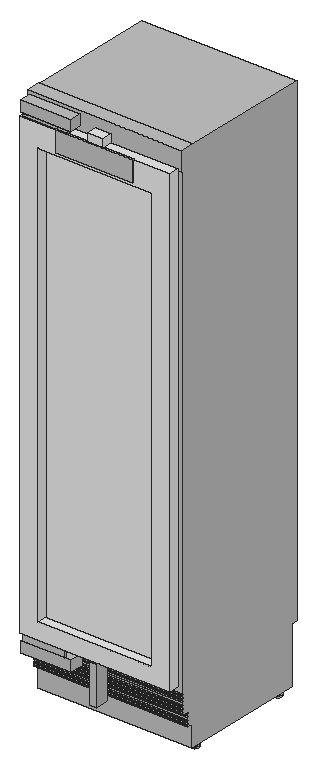
Revit family "FP_Revit_18_RS6121VL2K1_Wine_Column_90001105A", category Specialty Equipment, Revit 2018
Family settings
  Round Connector Dimension = Use Diameter
  Part Type = Normal
  OmniClass Number = 23.40.40.11.11
  OmniClass Title = Refrigerators and Freezers
  Work Plane-Based = No
  Always vertical = Yes
  Cut with Voids When Loaded = Yes
  Shared = No
  Room Calculation Point = No
Parameters
  Visibility - Visibility Control Note = yes
  Visibility - Clearance Required = yes
  URL = "www.fisherpaykel.com"
  Stainless Steel Door Panels (RD6121VL4D) = no
  Product - Width = 603 mm  # constant formula
  Product - Height = 2134 mm  # constant formula
  Product - Depth (exl front panel) = 610 mm  # constant formula
  Model = "RS6121VL2K1"
  Material - Handle = Fisher & Paykel - Aluminium
  Material - Door Structure = Fisher & Paykel - White
  Material - Door Front = Fisher & Paykel - Stainless Steel
  Material - Body = Fisher & Paykel - Grey
  Manufacturer = "Fisher & Paykel Appliances"
  Handle Style - Contemporary Square (AHD3-RD21) = no
  Handle Style - Contemporary Round (AHS-RD21) = no
  Description = "61cm Integrated Column Wine Cabinet"
  Connector Description - Electrical = "230 V, 10 amp fused electrical supply"
  Cavity - Width = 610 mm  # constant formula
  Cavity - Height = 2134 mm  # constant formula
  Cavity - Depth = 650 mm  # constant formula
Reference planes
  plane 1 "Center (Front/Back)": y = 0
  plane 2: z = 0
  plane 3 "Center (Left/Right)": x = 0
  plane 4 "Product LHS": x = -301.5
  plane 5 "Product RHS": x = 301.5
  plane 6 "Product - Depth": y = 610
  plane 7 "Cavity LHS": x = -305
  plane 8 "Cavity RHS": x = 305
  plane 9 "Cavity - Depth": y = 628
  plane 10 "Handle Offset": x = 238.5
  plane 11 "Product Height": z = 2134
  plane 12 "Cavity Height": z = 2134
  plane 13 "Door Panel Datum": y = -4.1
Forms (mm)
  Extrusion 1, solid, material "Fisher & Paykel - Grey" <- "Material - Body", detail levels fine
    sketch origin (0, 0, 0) x (0, 1, 0) y (0, 0, 1)
      loop
        line (100.1, 19.1) -> (587.9, 19.1) -> (587.9, 239.7) -> (610, 239.7) -> (610, 2131.9) -> (105.1, 2131.9) -> (105.1, 2134) -> (49.9, 2134) -> (49.9, 2059) -> (56, 2059) -> (56, 228.6) -> (59.5, 228.6) -> (59.5, 219.7) -> (56.5, 219.7) -> (56.5, 215.9) -> (59.5, 215.9) -> (59.5, 207) -> (56.5, 207) -> (56.5, 203.2) -> (59.5, 203.2) -> (59.5, 194.3) -> (56.5, 194.3) -> (56.5, 190.5) -> (59.5, 190.5) -> (59.5, 181.6) -> (56.5, 181.6) -> (56.5, 177.8) -> (59.5, 177.8) -> (59.5, 168.9) -> (56.5, 168.9) -> (56.5, 165.1) -> (59.5, 165.1) -> (59.5, 156.2) -> (56.5, 156.2) -> (56.5, 152.4) -> (84.1, 152.4) -> (84.1, 143.5) -> (81.1, 143.5) -> (81.1, 139.7) -> (84.1, 139.7) -> (84.1, 130.8) -> (81.1, 130.8) -> (81.1, 127) -> (84.1, 127) -> (84.1, 118.1) -> (81.1, 118.1) -> (81.1, 114.3) -> (84.1, 114.3) -> (84.1, 105.4) -> (81.1, 105.4) -> (81.1, 101.6) -> (100.1, 101.6) -> (100.1, 19.1)
    from -301.5 to 301.5
  Extrusion 2, solid, material "Fisher & Paykel - Grey" <- "Material - Body"
    sketch origin (0, 0, 0) x (1, 0, 0) y (0, 1, 0)
      loop
        circle (-281, 547.8) r 4.1
      loop
        circle (-281, 141.8) r 4.1
      loop
        circle (281, 547.8) r 4.1
      loop
        circle (281, 141.8) r 4.1
    from 3 to 19.1
  Extrusion 3, solid, material "Fisher & Paykel - Grey" <- "Material - Body"
    sketch origin (0, 0, 0) x (1, 0, 0) y (0, 1, 0)
      loop
        circle (-281, 547.8) r 14.5
      loop
        circle (-281, 141.8) r 14.555
      loop
        circle (281, 547.8) r 14.5
      loop
        circle (281, 141.8) r 14.555
    from 0 to 3
  Extrusion 4, solid, material "Fisher & Paykel - Grey" <- "Material - Body", detail levels fine
    sketch origin (0, 0, 0) x (1, 0, 0) y (0, 1, 0)
      loop
        line (-7.5, 49) -> (-13.797, -4.1) -> (13.797, -4.1) -> (7.5, 49) -> (-7.5, 49)
    from 104.2 to 254.2
  Extrusion 5, solid, material "Fisher & Paykel - Grey" <- "Material - Body", detail levels fine
    sketch origin (0, 0, 0) x (0, 1, 0) y (0, 0, 1)
      loop
        line (0, 2070.6) -> (0, 1988.6) -> (2, 1988.6) -> (2, 2068.6) -> (4, 2068.6) -> (4, 2070.6) -> (0, 2070.6)
    from -150 to 150
  Extrusion 6, solid, material "Fisher & Paykel - Grey" <- "Material - Body"
    sketch origin (0, 0, 0) x (1, 0, 0) y (0, 0, 1)
      loop
        circle (226.5, 119.813) r 5
      loop
        circle (-226.5, 119.813) r 5
    from -590 to -587.9
  Extrusion 7, solid, material "Fisher & Paykel - White" <- "Material - Door Structure"
    sketch origin (0, 0, 0) x (1, 0, 0) y (0, 1, 0)
      loop
        line (-276.5, 56) -> (-276.5, 42) -> (276.5, 42) -> (276.5, 56) -> (-276.5, 56)
    from 269.6 to 2030.7
  Extrusion 8, solid, material "Fisher & Paykel - White" <- "Material - Door Structure", detail levels fine
    sketch origin (0, 0, 0) x (1, 0, 0) y (0, 0, 1)
      loop
        line (-29.5, 2100.1) -> (-29.5, 2068.6) -> (29.5, 2068.6) -> (29.5, 2100.1) -> (-29.5, 2100.1)
    from -42 to -3
  Extrusion 9, solid, material "Fisher & Paykel - Grey" <- "Material - Body", detail levels coarse+medium
    sketch origin (0, 0, 0) x (0, 1, 0) y (0, 0, 1)
      loop
        line (49.9, 2134) -> (49.9, 2059) -> (56, 2059) -> (56, 152.4) -> (81.1, 152.4) -> (81.1, 101.6) -> (100.1, 101.6) -> (100.1, 19.1) -> (587.9, 19.1) -> (587.9, 239.7) -> (610, 239.7) -> (610, 2134) -> (49.9, 2134)
    from -301.5 to 301.5
  Extrusion 10, solid, material "Fisher & Paykel - Grey" <- "Material - Body", detail levels fine
    sketch origin (0, 0, 0) x (-1, 0, 0) y (0, 0, -1)
      loop
        line (289.9, -187.65) -> (95.42, -187.65) -> (95.42, -229.75) -> (289.9, -229.75) -> (289.9, -187.65)
    from -56 to -2.5
  Extrusion 11, solid, material "Fisher & Paykel - Grey" <- "Material - Body", detail levels fine
    sketch origin (0, 0, 0) x (-1, 0, 0) y (0, 0, -1)
      loop
        line (289.9, -2123.15) -> (289.9, -2081.05) -> (95.42, -2081.05) -> (95.42, -2123.15) -> (289.9, -2123.15)
    from -49 to -3
  Extrusion 12, solid, material "Fisher & Paykel - Grey" <- "Material - Body", detail levels fine
    sketch origin (0, 0, -4) x (0, 1, 0) y (0, 0, 1)
      loop
        arc (163.888, 23.1) -> (180.4, 13.63) -> (196.912, 23.1) r 19.13
        line (196.912, 23.1) -> (163.888, 23.1)
      loop
        arc (493.888, 23.1) -> (510.4, 13.63) -> (526.912, 23.1) r 19.13
        line (526.912, 23.1) -> (493.888, 23.1)
    from 191 to 219
  Extrusion 13, solid, material "Fisher & Paykel - Grey" <- "Material - Body", detail levels fine
    sketch origin (0, 0, -4) x (0, 1, 0) y (0, 0, -1)
      loop
        line (163.888, -23.1) -> (196.912, -23.1)
        arc (196.912, -23.1) -> (180.4, -13.63) -> (163.888, -23.1) r 19.13
      loop
        line (493.888, -23.1) -> (526.912, -23.1)
        arc (526.912, -23.1) -> (510.4, -13.63) -> (493.888, -23.1) r 19.13
    from 191 to 219
  Extrusion 14, solid, material "Fisher & Paykel - Clearance Required", visible <- "Visibility - Clearance Required", detail levels coarse
    sketch origin (0, 0, 0) x (1, 0, 0) y (0, 1, 0)
      loop
        line (-305, 628) -> (-305, -4.1) -> (305, -4.1) -> (305, 628) -> (-305, 628)
    from 0 to 2134
  Extrusion 15, void
    sketch origin (0, 0, 0) x (1, 0, 0) y (0, 1, 0)
      loop
        line (-305, 628) -> (-305, -22.1) -> (305, -22.1) -> (305, 628) -> (-305, 628)
    from 0 to 2134
  Extrusion 16, solid, material "Fisher & Paykel - Clearance Required", visible <- "Visibility - Clearance Required", detail levels coarse
    sketch origin (0, 0, 0) x (-1, 0, 0) y (0, -1, 0)
      loop
        line (-301.5, 22) -> (301.5, 22)
        arc (301.5, 22) -> (310.614, 38.517) -> (329.447, 39.615) r 19.524
        line (329.447, 39.615) -> (550.259, 513.224) -> (574.757, 501.803)
        arc (574.757, 501.803) -> (598.009, 510.266) -> (589.546, 533.517) r 17.497
        line (589.546, 533.517) -> (565.059, 544.952) -> (584.283, 586.12)
        arc (584.283, 586.12) -> (-13.379, 547.082) -> (-301.5, 22) r 622.524
    from 0 to 2134
  Extrusion 17, solid, material "Fisher & Paykel - Grey" <- "Material - Body", detail levels fine
    sketch origin (0, 0, 0) x (-1, 0, 0) y (0, 0, -1)
      loop
        line (118.4, -254.2) -> (282.9, -254.2) -> (282.9, -229.75) -> (118.4, -229.75) -> (118.4, -254.2)
      loop
        line (106, -2081.05) -> (242.9, -2081.05) -> (282.9, -2076.05) -> (282.9, -2068.6) -> (106, -2068.6) -> (106, -2081.05)
    from -7 to -4
  Extrusion 18, solid, material "Fisher & Paykel - Stainless Steel" <- "Material - Door Front", visible <- "Stainless Steel Door Panels (RD6121VL4D)"
    sketch origin (0, 0, 0) x (1, 0, 0) y (0, 0, 1)
      loop
        line (-301.5, 2130.8) -> (-301.5, 102) -> (301.5, 102) -> (301.5, 2130.8) -> (-301.5, 2130.8)
      loop
        line (-207.5, 1930) -> (-207.5, 341.6) -> (207.5, 341.6) -> (207.5, 1930) -> (-207.5, 1930)
    from 4.1 to 22.1
  Extrusion 19, solid, material "Fisher & Paykel - White" <- "Material - Door Structure"
    sketch origin (0, 0, 0) x (1, 0, 0) y (0, 0, 1)
      loop
        line (-292.9, 2068.6) -> (-292.9, 254.2) -> (292.9, 254.2) -> (292.9, 2068.6) -> (-292.9, 2068.6)
      loop
        line (-223.3, 318.3) -> (223.3, 318.3) -> (223.3, 1977.7) -> (-223.3, 1977.7) -> (-223.3, 318.3)
    from -42 to -3
Lines and regions (mm)
  model lines, style "Fisher & Paykel"
    curve 1: line (-301.5, -4.1, 2130.8) -> (301.5, -4.1, 2130.8)
    curve 2: line (-301.5, -4.1, 102) -> (-301.5, -4.1, 2130.8)
    curve 3: line (301.5, -4.1, 102) -> (-301.5, -4.1, 102)
    curve 4: line (301.5, -4.1, 2130.8) -> (301.5, -4.1, 102)
    curve 5: line (-207.5, -4.1, 1930) -> (207.5, -4.1, 1930)
    curve 6: line (-207.5, -4.1, 341.6) -> (-207.5, -4.1, 1930)
    curve 7: line (207.5, -4.1, 341.6) -> (-207.5, -4.1, 341.6)
    curve 8: line (207.5, -4.1, 1930) -> (207.5, -4.1, 341.6)
Text (mm)
  text "Due to ongoing product development, product details are subject to change without notice. \nPlease always refer to www.fisherpaykel.com for the most current product information. \n© Fisher & Paykel 2020" at (41.04, -678.295, 0), in view "Ref. Level (Plan)"
Dimensions and locks
  equal spacing: plane 4 "Product LHS", plane 3 "Center (Left/Right)", plane 5 "Product RHS"
  "Product - Width": plane 4 "Product LHS" to plane 5 "Product RHS"
  "Product - Depth (exl front panel)": plane 1 "Center (Front/Back)" to plane 6 "Product - Depth"
  equal spacing: plane 7 "Cavity LHS", plane 3 "Center (Left/Right)", plane 8 "Cavity RHS"
  "Cavity - Width": plane 7 "Cavity LHS" to plane 8 "Cavity RHS"
  plane 4 "Product LHS" to Extrusion 2 sketch curve = 24.6 mm
  plane 4 "Product LHS" to plane 10 "Handle Offset" = 540 mm
  Extrusion 6 sketch curve to Extrusion 1 = 119.887 mm  (x2)
  Extrusion 6 sketch curve to plane 5 "Product RHS" = 75 mm
  plane 4 "Product LHS" to Extrusion 6 sketch curve = 75 mm
  Extrusion 1 sketch curve to Extrusion 1 sketch curve = 82.5 mm
  Extrusion 1 sketch curve to Extrusion 1 sketch curve = 209.5 mm
  Extrusion 3 to level = 3 mm
  Extrusion 9 to Extrusion 7 = 250.5 mm
  Extrusion 9 to Extrusion 9 = 2114.9 mm
  "Product - Height": level to plane 11 "Product Height"
  Extrusion 7 to plane 11 "Product Height" = 103.3 mm
  Extrusion 9 sketch curve to plane 11 "Product Height" = 75 mm
  Extrusion 1 sketch curve to plane 11 "Product Height" = 2.1 mm
  Extrusion 1 sketch curve to plane 11 "Product Height" = 75 mm
  "Cavity - Height": plane 12 "Cavity Height" to level
  plane 1 "Center (Front/Back)" to Extrusion 14 = 628 mm
  plane 1 "Center (Front/Back)" to Extrusion 15 = 628 mm
  Extrusion 17 sketch curve to Extrusion 17 sketch curve = 40 mm
  Extrusion 17 sketch curve to Extrusion 17 sketch curve = 176.9 mm
  plane 3 "Center (Left/Right)" to Extrusion 17 sketch curve = 106 mm
  plane 3 "Center (Left/Right)" to Extrusion 17 sketch curve = 118.4 mm
  equal spacing: Extrusion 19, plane 3 "Center (Left/Right)", Extrusion 19
  equal spacing: Extrusion 18, plane 3 "Center (Left/Right)", Extrusion 18
  locked: Extrusion 18 sketch curve to Extrusion 18 sketch curve at 415
  locked: Extrusion 19 sketch curve to Extrusion 19 sketch curve at 446.6
  "Cavity - Depth": Extrusion 15 to Extrusion 16
  Extrusion 16 to plane 1 "Center (Front/Back)" = 22 mm
  radius of Extrusion 6 sketch curve = 5 mm
  aligned and locked: level to plane 2
  aligned and locked: Extrusion 9 to plane 5 "Product RHS"
  aligned and locked: Extrusion 9 to plane 4 "Product LHS"
  aligned and locked: Extrusion 9 sketch curve to plane 11 "Product Height"
  aligned and locked: plane 11 "Product Height" to Extrusion 1 sketch curve
  aligned and locked: Extrusion 12 sketch curve to Extrusion 12 sketch curve
  aligned and locked: Extrusion 13 sketch curve to Extrusion 13 sketch curve
  aligned and locked: Extrusion 1 to plane 5 "Product RHS"
  aligned and locked: plane 4 "Product LHS" to Extrusion 1
  aligned and locked: Extrusion 2 to Extrusion 1
  aligned and locked: nested 3 to plane 10 "Handle Offset"
  aligned and locked: nested 2 to plane 10 "Handle Offset"
Automatic sketch dimensions
  Extrusion 2 sketch curve to plane 4 "Product LHS" = 20.5 mm  (x2)
  plane 5 "Product RHS" to Extrusion 2 sketch curve = 20.5 mm  (x2)
  Extrusion 2 sketch curve to plane 1 "Center (Front/Back)" = 141.8 mm  (x2)
  Extrusion 2 sketch curve to plane 6 "Product - Depth" = 62.2 mm  (x2)
  Extrusion 3 sketch curve to plane 4 "Product LHS" = 20.5 mm  (x2)
  plane 5 "Product RHS" to Extrusion 3 sketch curve = 20.5 mm  (x2)
  Extrusion 3 sketch curve to plane 1 "Center (Front/Back)" = 141.8 mm  (x2)
  Extrusion 3 sketch curve to plane 6 "Product - Depth" = 62.2 mm  (x2)
  plane 1 "Center (Front/Back)" to Extrusion 4 sketch curve = 4.1 mm
  Extrusion 4 sketch curve to plane 3 "Center (Left/Right)" = 13.797 mm
  Extrusion 4 sketch curve to plane 3 "Center (Left/Right)" = 7.5 mm
  plane 3 "Center (Left/Right)" to Extrusion 4 sketch curve = 7.5 mm
  plane 3 "Center (Left/Right)" to Extrusion 4 sketch curve = 13.797 mm
  Extrusion 4 sketch curve to plane 1 "Center (Front/Back)" = 49 mm
  Extrusion 5 sketch curve to plane 1 "Center (Front/Back)" = 0 mm
  Extrusion 5 sketch curve to plane 1 "Center (Front/Back)" = 2 mm
  Extrusion 5 sketch curve to Extrusion 5 sketch curve = 2 mm  (x2)
  plane 11 "Product Height" to Extrusion 5 sketch curve = 145.4 mm
  plane 11 "Product Height" to Extrusion 5 sketch curve = 65.4 mm
  Extrusion 7 sketch curve to plane 4 "Product LHS" = 25 mm
  plane 5 "Product RHS" to Extrusion 7 sketch curve = 25 mm
  Extrusion 7 sketch curve to plane 1 "Center (Front/Back)" = 42 mm
  Extrusion 7 sketch curve to Extrusion 7 sketch curve = 14 mm
  Extrusion 8 sketch curve to plane 3 "Center (Left/Right)" = 29.5 mm
  plane 3 "Center (Left/Right)" to Extrusion 8 sketch curve = 29.5 mm
  plane 11 "Product Height" to Extrusion 8 sketch curve = 65.4 mm
  Extrusion 8 sketch curve to Extrusion 8 sketch curve = 31.5 mm
  plane 3 "Center (Left/Right)" to Extrusion 10 sketch curve = 95.42 mm
  plane 4 "Product LHS" to Extrusion 10 sketch curve = 11.6 mm
  Extrusion 10 sketch curve to level = 187.65 mm
  Extrusion 10 sketch curve to Extrusion 10 sketch curve = 42.1 mm
  Extrusion 11 sketch curve to plane 11 "Product Height" = 10.85 mm
  plane 3 "Center (Left/Right)" to Extrusion 11 sketch curve = 95.42 mm
  plane 4 "Product LHS" to Extrusion 11 sketch curve = 11.6 mm
  Extrusion 11 sketch curve to Extrusion 11 sketch curve = 42.1 mm
  Extrusion 12 sketch curve to plane 1 "Center (Front/Back)" = 163.888 mm
  Extrusion 12 sketch curve to Extrusion 12 sketch curve = 16.512 mm  (x2)
  Extrusion 12 sketch curve to plane 6 "Product - Depth" = 116.112 mm
  Extrusion 12 sketch curve to Extrusion 12 sketch curve = 9.66 mm  (x2)
  Extrusion 13 sketch curve to plane 1 "Center (Front/Back)" = 163.888 mm
  Extrusion 13 sketch curve to Extrusion 13 sketch curve = 16.512 mm  (x2)
  Extrusion 13 sketch curve to plane 6 "Product - Depth" = 116.112 mm
  Extrusion 13 sketch curve to Extrusion 13 sketch curve = 9.66 mm  (x2)
  Extrusion 14 sketch curve to plane 7 "Cavity LHS" = 0 mm
  Extrusion 14 sketch curve to plane 8 "Cavity RHS" = 0 mm
  Extrusion 14 sketch curve to plane 9 "Cavity - Depth" = 0 mm
  plane 1 "Center (Front/Back)" to Extrusion 14 sketch curve = 4.1 mm
  Extrusion 15 sketch curve to plane 7 "Cavity LHS" = 0 mm
  Extrusion 15 sketch curve to plane 8 "Cavity RHS" = 0 mm
  plane 9 "Cavity - Depth" to Extrusion 15 sketch curve = 0 mm
  plane 1 "Center (Front/Back)" to Extrusion 15 sketch curve = 22.1 mm
  Extrusion 16 sketch curve to Extrusion 16 sketch curve = 0.001 mm
  Extrusion 16 sketch curve to Extrusion 16 sketch curve = 0 mm
  Extrusion 16 sketch curve to plane 5 "Product RHS" = 0 mm
  Extrusion 16 sketch curve to plane 4 "Product LHS" = 0 mm
  Extrusion 16 sketch curve to plane 7 "Cavity LHS" = 16.024 mm
  Extrusion 16 sketch curve to Extrusion 16 sketch curve = 8.422 mm
  Extrusion 16 sketch curve to plane 7 "Cavity LHS" = 245.259 mm
  Extrusion 16 sketch curve to Extrusion 16 sketch curve = 14.8 mm
  Extrusion 16 sketch curve to Extrusion 16 sketch curve = 24.498 mm
  Extrusion 16 sketch curve to Extrusion 16 sketch curve = 7.394 mm  (x2)
  Extrusion 16 sketch curve to Extrusion 16 sketch curve = 19.224 mm
  Extrusion 16 sketch curve to plane 1 "Center (Front/Back)" = 586.12 mm
  Extrusion 16 sketch curve to Extrusion 16 sketch curve = 41.168 mm
  Extrusion 16 sketch curve to Extrusion 16 sketch curve = 15.857 mm
  Extrusion 17 sketch curve to plane 11 "Product Height" = 52.95 mm
  plane 4 "Product LHS" to Extrusion 17 sketch curve = 18.6 mm
  Extrusion 17 sketch curve to Extrusion 17 sketch curve = 5 mm
  Extrusion 17 sketch curve to Extrusion 17 sketch curve = 12.45 mm
  Extrusion 17 sketch curve to level = 254.2 mm
  Extrusion 17 sketch curve to Extrusion 17 sketch curve = 24.45 mm
  Extrusion 9 sketch curve to plane 6 "Product - Depth" = 0 mm
  Extrusion 9 sketch curve to plane 6 "Product - Depth" = 22.1 mm
  Extrusion 9 sketch curve to plane 1 "Center (Front/Back)" = 100.1 mm
  Extrusion 9 sketch curve to Extrusion 9 sketch curve = 19 mm
  Extrusion 9 sketch curve to plane 1 "Center (Front/Back)" = 56 mm
  Extrusion 9 sketch curve to plane 1 "Center (Front/Back)" = 49.9 mm
  level to Extrusion 9 sketch curve = 152.4 mm
  Extrusion 9 sketch curve to Extrusion 9 sketch curve = 50.8 mm
  level to Extrusion 9 sketch curve = 19.1 mm
  Extrusion 9 sketch curve to Extrusion 9 sketch curve = 220.6 mm
  level to Extrusion 12 sketch curve = 19.1 mm
  level to Extrusion 13 sketch curve = 28.76 mm
  Extrusion 1 sketch curve to plane 6 "Product - Depth" = 0 mm
  Extrusion 1 sketch curve to Extrusion 1 sketch curve = 22.1 mm
  Extrusion 1 sketch curve to plane 1 "Center (Front/Back)" = 105.1 mm
  level to Extrusion 1 sketch curve = 19.1 mm
  Extrusion 1 sketch curve to plane 1 "Center (Front/Back)" = 100.1 mm
  Extrusion 1 sketch curve to Extrusion 1 sketch curve = 16 mm
  Extrusion 1 sketch curve to Extrusion 1 sketch curve = 0 mm  (x8)
  Extrusion 1 sketch curve to Extrusion 1 sketch curve = 3 mm  (x10)
  Extrusion 1 sketch curve to plane 1 "Center (Front/Back)" = 59.5 mm
  Extrusion 1 sketch curve to plane 1 "Center (Front/Back)" = 56 mm
  Extrusion 1 sketch curve to plane 1 "Center (Front/Back)" = 49.9 mm
  Extrusion 1 sketch curve to Extrusion 1 sketch curve = 3.8 mm  (x10)
  Extrusion 1 sketch curve to Extrusion 1 sketch curve = 8.9 mm  (x9)
  Extrusion 1 sketch curve to Extrusion 1 sketch curve = 220.6 mm
  Extrusion 19 sketch curve to plane 4 "Product LHS" = 8.6 mm
  plane 10 "Handle Offset" to Extrusion 19 sketch curve = 461.8 mm
  plane 5 "Product RHS" to Extrusion 19 sketch curve = 8.6 mm
  level to Extrusion 19 sketch curve = 254.2 mm
  Extrusion 19 sketch curve to Extrusion 19 sketch curve = 64.1 mm
  plane 11 "Product Height" to Extrusion 19 sketch curve = 156.3 mm
  plane 11 "Product Height" to Extrusion 19 sketch curve = 65.4 mm
  plane 4 "Product LHS" to Extrusion 18 sketch curve = 0 mm
  plane 5 "Product RHS" to Extrusion 18 sketch curve = 0 mm
  plane 10 "Handle Offset" to Extrusion 18 sketch curve = 446 mm
  level to Extrusion 18 sketch curve = 102 mm
  Extrusion 18 sketch curve to Extrusion 18 sketch curve = 239.6 mm
  plane 11 "Product Height" to Extrusion 18 sketch curve = 204 mm
  plane 11 "Product Height" to Extrusion 18 sketch curve = 3.2 mm
  plane 5 "Product RHS" to curve 1 = 0 mm
  plane 4 "Product LHS" to curve 2 = 0 mm
  plane 10 "Handle Offset" to curve 7 = 31 mm
  curve 5 to plane 4 "Product LHS" = 94 mm
  level to curve 4 = 102 mm
  curve 2 to curve 7 = 239.6 mm
  plane 11 "Product Height" to curve 5 = 204 mm
  plane 11 "Product Height" to curve 2 = 3.2 mm
  radius of Extrusion 2 sketch curve = 4.1 mm  (x3)
  radius of Extrusion 3 sketch curve = 14.5 mm  (x2)
  radius of Extrusion 3 sketch curve = 14.555 mm  (x2)
  radius of Extrusion 6 sketch curve = 5 mm
Nested families
  nested 1: "Visibility Control Note 18" at (0, 0, 0), visible <- "Visibility - Visibility Control Note", type "Visibility Control Note 18"
  nested 2: "Handle Contemporary Round - Vertical" at (238.5, -22.1, 1242.58), visible <- "Handle Style - Contemporary Round (AHS-RD21)", type "AHS-RD21 - Contemporary round handle (Vertical) 852mm"
  nested 3: "Handle Contemporary Square - Vertical" at (238.5, -22.1, 1242.58), visible <- "Handle Style - Contemporary Square (AHD3-RD21)", type "AHD3-RD21 - Contemporary square handle (Vertical) 852mm"
Connectors
  electrical at (-226.5, 590, 119.813), driven by "Connector Description - Electrical"
    settings: on Extrusion 6, index 1, voltage 230 V, apparent load 0 VA, apparent load phase1 0 VA, apparent load phase2 0 VA, apparent load phase3 0 VA, power factor 1, load classification "Other", number of poles 1, system type 30, power factor state 1, is connector primary yes, connector utility no, sub classification motor no, connector description "230 V, 10 amp fused electrical supply"
Definition of nested family "Handle Contemporary Round - Vertical"
  Parameters (values of type "AHSRS80A - Contemporary round handle (1 of 2) (Vertical) 727mm")
    URL = "www.fisherpaykel.com"
    Material - Handle = none
    Manufacturer = "Fisher & Paykel Appliances"
    Handle - Length = 727 mm
  Types (6, lengths in mm): name | Handle - Length
    AHS-RD21 - Contemporary round handle (Vertical) 852mm | 852
    AHSRD2484W - Contemporary round handle (1 of 2) (Vertical) 727mm | 727
    AHSRD3084W - Contemporary round handle (1 of 2) (Vertical) 727mm | 727
    AHS-RD84 - Contemporary round handle (Vertical) 852mm | 852
    AHSRS3272A - Contemporary round handle (1 of 2) (Vertical) 727mm | 727
    AHSRS80A - Contemporary round handle (1 of 2) (Vertical) 727mm | 727
  Reference planes
    plane 1 "Center (Front/Back)": y = 0
    plane 2: z = 0
    plane 3 "Center (Left/Right)": x = 0
    plane 4 "Top": z = 363.5
    plane 5 "Bottom": z = -363.5
    plane 6 "Top Standoff": z = 243.5
    plane 7 "Bottom Standoff": z = -243.5
  Forms (mm)
    Extrusion 1, solid, material <- "Material - Handle"
      sketch origin (0, 0, 0) x (1, 0, 0) y (0, 1, 0)
        loop
          circle (0, -32.3) r 8.7
      from -243.5 to 243.5
    Extrusion 2, solid, material <- "Material - Handle", detail levels fine
      sketch origin (0, 0, 0) x (1, 0, 0) y (0, 1, 0)
        loop
          line (-8.7, 0) -> (-8.7, -32.3)
          arc (-8.7, -32.3) -> (0, -41) -> (8.7, -32.3) r 8.7
          line (8.7, -32.3) -> (8.7, 0) -> (-8.7, 0)
      from 243.5 to 363.5
    Extrusion 3, solid, material <- "Material - Handle", detail levels fine
      sketch origin (0, 0, 0) x (1, 0, 0) y (0, 1, 0)
        loop
          line (-8.7, 0) -> (-8.7, -32.3)
          arc (-8.7, -32.3) -> (0, -41) -> (8.7, -32.3) r 8.7
          line (8.7, -32.3) -> (8.7, 0) -> (-8.7, 0)
      from -363.5 to -243.5
    Sweep 4, void
      path in 3D
        loop
          line (8.7, 0, -363.5) -> (8.7, -32.3, -363.5)
          arc (8.7, -32.3, -363.5) -> (0, -41, -363.5) -> (-8.7, -32.3, -363.5) r 8.7
          line (-8.7, -32.3, -363.5) -> (-8.7, 0, -363.5)
      profile origin (8.7, -16.15, -363.5) x (-1, 0, 0) y (0, 0, -1)
        loop
          line (0, 0) -> (0, -1) -> (1, 0) -> (0, 0)
    Sweep 5, void
      path in 3D
        loop
          line (-8.7, 0, 363.5) -> (-8.7, -32.3, 363.5)
          arc (-8.7, -32.3, 363.5) -> (0, -41, 363.5) -> (8.7, -32.3, 363.5) r 8.7
          line (8.7, -32.3, 363.5) -> (8.7, 0, 363.5)
      profile origin (8.7, -16.15, 363.5) x (-1, 0, 0) y (0, 0, 1)
        loop
          line (0, 0) -> (0, -1) -> (1, 0) -> (0, 0)
    Extrusion 6, solid, material <- "Material - Handle", detail levels coarse+medium
      sketch origin (0, 0, 0) x (1, 0, 0) y (0, 1, 0)
        loop
          line (-8.7, 0) -> (-8.7, -32.3)
          arc (-8.7, -32.3) -> (0, -41) -> (8.7, -32.3) r 8.7
          line (8.7, -32.3) -> (8.7, 0) -> (-8.7, 0)
      from 243.5 to 363.5
    Extrusion 7, solid, material <- "Material - Handle", detail levels coarse+medium
      sketch origin (0, 0, 0) x (1, 0, 0) y (0, 1, 0)
        loop
          line (-8.7, 0) -> (-8.7, -32.3)
          arc (-8.7, -32.3) -> (0, -41) -> (8.7, -32.3) r 8.7
          line (8.7, -32.3) -> (8.7, 0) -> (-8.7, 0)
      from -363.5 to -243.5
  Cuts and joins
    Sweep 4 cuts Extrusion 3
    Sweep 5 cuts Extrusion 2
  Lines and regions (mm)
    sketch lines
      curve 1: line (8.7, 0, -363.5) -> (8.7, -32.3, -363.5)
      curve 2: arc (-8.7, -32.3, -363.5) -> (0, -41, -363.5) -> (8.7, -32.3, -363.5) r 8.7
      curve 3: line (-8.7, -32.3, -363.5) -> (-8.7, 0, -363.5)
      curve 4: line (8.7, -32.3, 363.5) -> (8.7, 0, 363.5)
      curve 5: arc (8.7, -32.3, 363.5) -> (0, -41, 363.5) -> (-8.7, -32.3, 363.5) r 8.7
      curve 6: line (-8.7, 0, 363.5) -> (-8.7, -32.3, 363.5)
  Dimensions and locks
    equal spacing: plane 4 "Top", level, plane 5 "Bottom"
    "Handle - Length": plane 4 "Top" to plane 5 "Bottom"
    locked: plane 4 "Top" to plane 6 "Top Standoff" at 120
    locked: plane 7 "Bottom Standoff" to plane 5 "Bottom" at 120
    Extrusion 2 sketch curve to Extrusion 2 sketch curve = 17.4 mm
    Extrusion 3 sketch curve to Extrusion 3 sketch curve = 17.4 mm
    Extrusion 6 sketch curve to Extrusion 6 sketch curve = 17.4 mm
    Extrusion 7 sketch curve to Extrusion 7 sketch curve = 17.4 mm
    aligned and locked: level to plane 2
    aligned and locked: plane 4 "Top" to Extrusion 2
    aligned and locked: Extrusion 3 to plane 5 "Bottom"
    aligned and locked: plane 7 "Bottom Standoff" to Extrusion 3
    aligned and locked: Extrusion 1 to plane 7 "Bottom Standoff"
    aligned and locked: plane 6 "Top Standoff" to Extrusion 1
    aligned and locked: Extrusion 2 to Extrusion 1
    aligned and locked: Extrusion 6 to Extrusion 1
    aligned and locked: plane 4 "Top" to Extrusion 6
    aligned and locked: Extrusion 7 to Extrusion 1
    aligned and locked: Extrusion 7 to plane 5 "Bottom"
  Automatic sketch dimensions
    Extrusion 1 sketch curve to plane 3 "Center (Left/Right)" = 0 mm
    plane 1 "Center (Front/Back)" to Extrusion 1 sketch curve = 32.3 mm
    plane 1 "Center (Front/Back)" to Extrusion 2 sketch curve = 0 mm
    Extrusion 2 sketch curve to plane 3 "Center (Left/Right)" = 0 mm
    Extrusion 2 sketch curve to plane 3 "Center (Left/Right)" = 8.7 mm
    plane 1 "Center (Front/Back)" to Extrusion 2 sketch curve = 32.3 mm
    plane 1 "Center (Front/Back)" to Extrusion 3 sketch curve = 0 mm
    Extrusion 3 sketch curve to plane 3 "Center (Left/Right)" = 0 mm
    Extrusion 3 sketch curve to plane 3 "Center (Left/Right)" = 8.7 mm
    plane 1 "Center (Front/Back)" to Extrusion 3 sketch curve = 32.3 mm
    Sweep 4 sketch curve to profile plane = 0 mm  (x2)
    Sweep 4 sketch curve to profile plane = 1 mm  (x2)
    Sweep 5 sketch curve to profile plane = 0 mm  (x2)
    Sweep 5 sketch curve to profile plane = 1 mm  (x2)
    Extrusion 6 sketch curve to plane 3 "Center (Left/Right)" = 0 mm
    Extrusion 6 sketch curve to plane 3 "Center (Left/Right)" = 8.7 mm
    plane 1 "Center (Front/Back)" to Extrusion 6 sketch curve = 32.3 mm
    Extrusion 6 sketch curve to Extrusion 6 sketch curve = 32.3 mm
    Extrusion 7 sketch curve to plane 3 "Center (Left/Right)" = 0 mm
    Extrusion 7 sketch curve to plane 3 "Center (Left/Right)" = 8.7 mm
    plane 1 "Center (Front/Back)" to Extrusion 7 sketch curve = 32.3 mm
    Extrusion 7 sketch curve to Extrusion 7 sketch curve = 32.3 mm
    radius of Extrusion 1 sketch curve = 8.7 mm
Definition of nested family "Handle Contemporary Square - Vertical"
  Parameters (values of type "AHD3RS80A - Contemporary square handle (1 of 2) (Vertical) 727mm")
    URL = "www.fisherpaykel.com"
    Material - Handle = none
    Manufacturer = "Fisher & Paykel Appliances"
    Handle - Length = 727 mm
  Types (7, lengths in mm): name | Handle - Length
    (no name) | 727
    AHD3-RD21 - Contemporary square handle (Vertical) 852mm | 852
    AHD3RD2484W - Contemporary square handle (1 of 2) (Vertical) 727mm | 727
    AHD3RD3084W - Contemporary square handle (1 of 2) (Vertical) 727mm | 727
    AHD3-RD84 - Contemporary square handle (Vertical) 852mm | 852
    AHD3RS3272A - Contemporary square handle (1 of 2) (Vertical) 727mm | 727
    AHD3RS80A - Contemporary square handle (1 of 2) (Vertical) 727mm | 727
  Reference planes
    plane 1 "Center (Front/Back)": y = 0
    plane 2: z = 0
    plane 3 "Center (Left/Right)": x = 0
    plane 4 "Top": z = 363.5
    plane 5 "Bottom": z = -363.5
    plane 6 "Top Standoff": z = 243.5
    plane 7 "Bottom Standoff": z = -243.5
  Forms (mm)
    Extrusion 1, solid, material <- "Material - Handle", detail levels fine
      sketch origin (0, 0, 0) x (1, 0, 0) y (0, 1, 0)
        loop
          arc (-7.583, -28.701) -> (-7.89, -29.057) -> (-8, -29.514) r 1
          line (-8, -29.514) -> (-8, -40.5)
          arc (-8, -40.5) -> (-7.561, -41.561) -> (-6.5, -42) r 1.5
          line (-6.5, -42) -> (6.5, -42)
          arc (6.5, -42) -> (7.561, -41.561) -> (8, -40.5) r 1.5
          line (8, -40.5) -> (8, -29.487)
          arc (8, -29.487) -> (7.889, -29.029) -> (7.58, -28.673) r 1
          arc (7.58, -28.673) -> (-0.006, -26.256) -> (-7.583, -28.701) r 13.038
      from -363.5 to 363.5
    Extrusion 2, solid, material <- "Material - Handle", detail levels fine
      sketch origin (0, 0, 0) x (1, 0, 0) y (0, 1, 0)
        loop
          arc (7.058, -28.23) -> (7.466, -28.244) -> (7.674, -27.893) r 0.4
          line (7.674, -27.893) -> (7.674, 0) -> (-7.674, 0) -> (-7.674, -27.86)
          arc (-7.674, -27.86) -> (-7.467, -28.21) -> (-7.06, -28.198) r 0.4
          arc (-7.06, -28.198) -> (0.004, -26.156) -> (7.058, -28.23) r 13.136
      from 243.5 to 363.5
    Extrusion 3, solid, material <- "Material - Handle", detail levels fine
      sketch origin (0, 0, 0) x (1, 0, 0) y (0, 1, 0)
        loop
          arc (7.058, -28.23) -> (7.466, -28.244) -> (7.674, -27.893) r 0.4
          line (7.674, -27.893) -> (7.674, 0) -> (-7.674, 0) -> (-7.674, -27.86)
          arc (-7.674, -27.86) -> (-7.467, -28.21) -> (-7.06, -28.198) r 0.4
          arc (-7.06, -28.198) -> (0.004, -26.156) -> (7.058, -28.23) r 13.136
      from -363.5 to -243.5
    Sweep 4, void
      path in 3D
        loop
          line (-8, -29.514, 363.5) -> (-8, -40.5, 363.5)
          arc (-8, -40.5, 363.5) -> (-7.561, -41.561, 363.5) -> (-6.5, -42, 363.5) r 1.5
          line (-6.5, -42, 363.5) -> (6.5, -42, 363.5)
          arc (6.5, -42, 363.5) -> (7.561, -41.561, 363.5) -> (8, -40.5, 363.5) r 1.5
          line (8, -40.5, 363.5) -> (8, -29.487, 363.5)
      profile origin (8, -34.994, 363.5) x (-1, 0, 0) y (0, 0, 1)
        loop
          line (0, 0) -> (0, -1.3) -> (1.3, 0) -> (0, 0)
    Sweep 5, void
      path in 3D
        loop
          line (8, -29.487, -363.5) -> (8, -40.5, -363.5)
          arc (8, -40.5, -363.5) -> (7.561, -41.561, -363.5) -> (6.5, -42, -363.5) r 1.5
          line (6.5, -42, -363.5) -> (-6.5, -42, -363.5)
          arc (-6.5, -42, -363.5) -> (-7.561, -41.561, -363.5) -> (-8, -40.5, -363.5) r 1.5
          line (-8, -40.5, -363.5) -> (-8, -29.514, -363.5)
      profile origin (8, -34.994, -363.5) x (-1, 0, 0) y (0, 0, -1)
        loop
          line (0, 0) -> (0, -1.3) -> (1.3, 0) -> (0, 0)
    Extrusion 6, void
      sketch origin (0, 0, 0) x (1, 0, 0) y (0, 0, 1)
        loop
          line (-8, -362.2) -> (-8, -363.5) -> (-6.7, -363.5) -> (-8, -362.2)
        loop
          line (8, -362.2) -> (6.7, -363.5) -> (8, -363.5) -> (8, -362.2)
      from 0 to 40
    Extrusion 7, void
      sketch origin (0, 0, 0) x (1, 0, 0) y (0, 0, 1)
        loop
          line (-8, 363.5) -> (-8, 362.2) -> (-6.7, 363.5) -> (-8, 363.5)
        loop
          line (8, 363.5) -> (6.7, 363.5) -> (8, 362.2) -> (8, 363.5)
      from 0 to 40
    Extrusion 8, solid, material <- "Material - Handle", detail levels coarse+medium
      sketch origin (0, 0, 0) x (0, 1, 0) y (0, 0, 1)
        loop
          line (0, 363.5) -> (-42, 363.5) -> (-42, -363.5) -> (0, -363.5) -> (0, -243.5) -> (-26.245, -243.5) -> (-26.245, 243.5) -> (0, 243.5) -> (0, 363.5)
      from -8 to 8
  Cuts and joins
    Sweep 4, Sweep 5, Extrusion 6, Extrusion 7 cuts Extrusion 1
    Extrusion 6 cuts Extrusion 3
    Extrusion 7 cuts Extrusion 2
  Lines and regions (mm)
    sketch lines
      curve 1: line (8, -40.5, 363.5) -> (8, -29.487, 363.5)
      curve 2: arc (8, -40.5, 363.5) -> (7.561, -41.561, 363.5) -> (6.5, -42, 363.5) r 1.5
      curve 3: line (-6.5, -42, 363.5) -> (6.5, -42, 363.5)
      curve 4: arc (-6.5, -42, 363.5) -> (-7.561, -41.561, 363.5) -> (-8, -40.5, 363.5) r 1.5
      curve 5: line (-8, -29.514, 363.5) -> (-8, -40.5, 363.5)
      curve 6: line (8, -29.487, -363.5) -> (8, -40.5, -363.5)
      curve 7: arc (6.5, -42, -363.5) -> (7.561, -41.561, -363.5) -> (8, -40.5, -363.5) r 1.5
      curve 8: line (6.5, -42, -363.5) -> (-6.5, -42, -363.5)
      curve 9: arc (-8, -40.5, -363.5) -> (-7.561, -41.561, -363.5) -> (-6.5, -42, -363.5) r 1.5
      curve 10: line (-8, -40.5, -363.5) -> (-8, -29.514, -363.5)
  Dimensions and locks
    equal spacing: plane 4 "Top", level, plane 5 "Bottom"
    "Handle - Length": plane 4 "Top" to plane 5 "Bottom"
    locked: plane 4 "Top" to plane 6 "Top Standoff" at 120
    locked: plane 7 "Bottom Standoff" to plane 5 "Bottom" at 120
    aligned and locked: level to plane 2
    aligned and locked: plane 4 "Top" to Extrusion 2
    aligned and locked: Extrusion 2 to plane 6 "Top Standoff"
    aligned and locked: plane 4 "Top" to Extrusion 1
    aligned and locked: Extrusion 1 to plane 5 "Bottom"
    aligned and locked: Extrusion 3 to plane 5 "Bottom"
    aligned and locked: plane 7 "Bottom Standoff" to Extrusion 3
    aligned and locked: plane 4 "Top" to Extrusion 8 sketch curve
    aligned and locked: plane 6 "Top Standoff" to Extrusion 8 sketch curve
    aligned and locked: plane 7 "Bottom Standoff" to Extrusion 8 sketch curve
    aligned and locked: plane 5 "Bottom" to Extrusion 8 sketch curve
    aligned and locked: plane 1 "Center (Front/Back)" to Extrusion 8 sketch curve  (x2)
  Automatic sketch dimensions
    Extrusion 1 sketch curve to plane 3 "Center (Left/Right)" = 8 mm
    Extrusion 1 sketch curve to Extrusion 1 sketch curve = 1 mm  (x2)
    Extrusion 1 sketch curve to Extrusion 1 sketch curve = 1.5 mm
    plane 3 "Center (Left/Right)" to Extrusion 1 sketch curve = 0.018 mm
    plane 3 "Center (Left/Right)" to Extrusion 1 sketch curve = 6.5 mm
    plane 3 "Center (Left/Right)" to Extrusion 1 sketch curve = 7 mm
    plane 1 "Center (Front/Back)" to Extrusion 1 sketch curve = 42 mm
    Extrusion 1 sketch curve to Extrusion 1 sketch curve = 1.206 mm
    Extrusion 1 sketch curve to Extrusion 1 sketch curve = 10.986 mm
    Extrusion 1 sketch curve to Extrusion 1 sketch curve = 11.013 mm
    Extrusion 1 sketch curve to Extrusion 1 sketch curve = 0 mm
    plane 1 "Center (Front/Back)" to Extrusion 2 sketch curve = 0 mm
    Extrusion 2 sketch curve to plane 3 "Center (Left/Right)" = 7.674 mm
    Extrusion 2 sketch curve to Extrusion 2 sketch curve = 0.4 mm  (x2)
    Extrusion 2 sketch curve to plane 3 "Center (Left/Right)" = 0.026 mm
    plane 3 "Center (Left/Right)" to Extrusion 2 sketch curve = 7.274 mm
    plane 1 "Center (Front/Back)" to Extrusion 2 sketch curve = 27.86 mm
    Extrusion 2 sketch curve to Extrusion 2 sketch curve = 0.033 mm
    Extrusion 2 sketch curve to Extrusion 2 sketch curve = 11.398 mm
    Extrusion 2 sketch curve to Extrusion 2 sketch curve = 0 mm
    plane 1 "Center (Front/Back)" to Extrusion 3 sketch curve = 0 mm
    Extrusion 3 sketch curve to Extrusion 3 sketch curve = 0.4 mm  (x2)
    Extrusion 3 sketch curve to Extrusion 3 sketch curve = 7.248 mm
    Extrusion 3 sketch curve to Extrusion 3 sketch curve = 7.3 mm
    plane 1 "Center (Front/Back)" to Extrusion 3 sketch curve = 27.86 mm
    Extrusion 3 sketch curve to Extrusion 3 sketch curve = 0.033 mm
    Extrusion 3 sketch curve to Extrusion 3 sketch curve = 11.398 mm
    Extrusion 3 sketch curve to Extrusion 3 sketch curve = 0 mm
    Sweep 4 sketch curve to profile plane = 0 mm  (x2)
    Sweep 4 sketch curve to profile plane = 1.3 mm  (x2)
    Sweep 5 sketch curve to profile plane = 0 mm  (x2)
    Sweep 5 sketch curve to profile plane = 1.3 mm  (x2)
    Extrusion 6 sketch curve to plane 5 "Bottom" = 0 mm  (x2)
    plane 5 "Bottom" to Extrusion 6 sketch curve = 1.3 mm  (x2)
    Extrusion 6 sketch curve to plane 3 "Center (Left/Right)" = 8 mm
    Extrusion 6 sketch curve to Extrusion 6 sketch curve = 1.3 mm  (x2)
    plane 3 "Center (Left/Right)" to Extrusion 6 sketch curve = 8 mm
    Extrusion 7 sketch curve to plane 4 "Top" = 0 mm  (x2)
    Extrusion 7 sketch curve to plane 3 "Center (Left/Right)" = 8 mm
    Extrusion 7 sketch curve to Extrusion 7 sketch curve = 1.3 mm  (x2)
    plane 3 "Center (Left/Right)" to Extrusion 7 sketch curve = 8 mm
    Extrusion 7 sketch curve to plane 4 "Top" = 1.3 mm  (x2)
    plane 1 "Center (Front/Back)" to Extrusion 8 sketch curve = 26.245 mm
    plane 1 "Center (Front/Back)" to Extrusion 8 sketch curve = 42 mm
    Extrusion 3 sketch curve to plane 3 "Center (Left/Right)" = 7.674 mm
Definition of nested family "Visibility Control Note 18"
  Types (3): name
    New
    Resolved
    Active
  Reference planes
    plane 1: y = 0
    plane 2: x = 0
  Text (mm)
    text "Edit Type: \nTo control handle kit \nand door panel visibility\n options\n\nDelete unwanted kits \nto reduce file size" at (-0.165, 35.556, 0)
